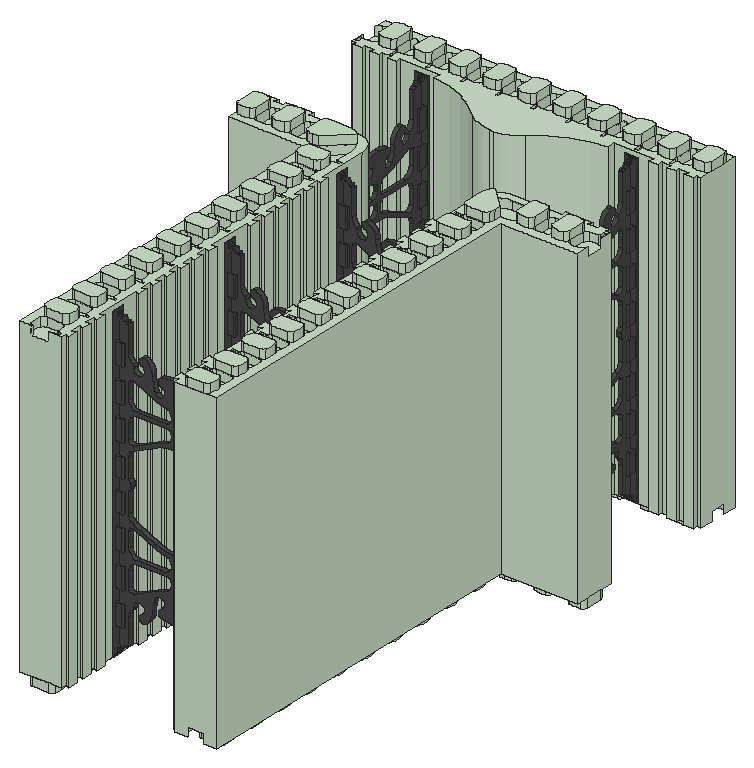
Revit family (continued)
Definition of nested family "NUDURA Diamond Pattern"
  Lines and regions (mm)
    model lines
      curve 36: arc (117.704, -142.875, 355.215) -> (120.494, -142.875, 361.95) -> (117.704, -142.875, 368.685) r 9.525
      curve 37: line (108.981, -142.875, 346.492) -> (117.704, -142.875, 355.215)
      curve 38: line (85.183, -142.875, 355.215) -> (93.906, -142.875, 346.492)
      curve 39: arc (85.183, -142.875, 368.685) -> (82.394, -142.875, 361.95) -> (85.183, -142.875, 355.215) r 9.525
      curve 40: line (93.906, -142.875, 377.408) -> (85.183, -142.875, 368.685)
      curve 41: arc (105.934, -142.875, 375.965) -> (101.444, -142.875, 377.825) -> (96.953, -142.875, 375.965) r 6.35
      curve 42: line (96.953, -142.875, 375.965) -> (87.428, -142.875, 366.44)
      curve 43: arc (87.428, -142.875, 366.44) -> (85.569, -142.875, 361.95) -> (87.428, -142.875, 357.46) r 6.35
      curve 44: line (87.428, -142.875, 357.46) -> (96.953, -142.875, 347.935)
      curve 45: arc (96.953, -142.875, 347.935) -> (101.444, -142.875, 346.075) -> (105.934, -142.875, 347.935) r 6.35
      curve 46: line (105.934, -142.875, 347.935) -> (115.459, -142.875, 357.46)
      curve 47: arc (115.459, -142.875, 357.46) -> (117.319, -142.875, 361.95) -> (115.459, -142.875, 366.44) r 6.35
      curve 48: line (115.459, -142.875, 366.44) -> (105.934, -142.875, 375.965)
      curve 49: arc (93.906, -142.875, 339.308) -> (95.394, -142.875, 342.9) -> (93.906, -142.875, 346.492) r 5.08
      curve 50: line (117.704, -142.875, 330.585) -> (108.981, -142.875, 339.308)
      curve 51: arc (117.704, -142.875, 317.115) -> (120.494, -142.875, 323.85) -> (117.704, -142.875, 330.585) r 9.525
      curve 52: line (108.981, -142.875, 308.392) -> (117.704, -142.875, 317.115)
      curve 53: line (85.183, -142.875, 317.115) -> (93.906, -142.875, 308.392)
      curve 54: arc (85.183, -142.875, 330.585) -> (82.394, -142.875, 323.85) -> (85.183, -142.875, 317.115) r 9.525
      curve 55: line (93.906, -142.875, 339.308) -> (85.183, -142.875, 330.585)
      curve 56: arc (105.934, -142.875, 337.865) -> (101.444, -142.875, 339.725) -> (96.953, -142.875, 337.865) r 6.35
      curve 57: line (96.953, -142.875, 337.865) -> (87.428, -142.875, 328.34)
      curve 58: arc (87.428, -142.875, 328.34) -> (85.569, -142.875, 323.85) -> (87.428, -142.875, 319.36) r 6.35
      curve 59: line (87.428, -142.875, 319.36) -> (96.953, -142.875, 309.835)
      curve 60: arc (96.953, -142.875, 309.835) -> (101.444, -142.875, 307.975) -> (105.934, -142.875, 309.835) r 6.35
      curve 61: line (105.934, -142.875, 309.835) -> (115.459, -142.875, 319.36)
      curve 62: arc (115.459, -142.875, 319.36) -> (117.319, -142.875, 323.85) -> (115.459, -142.875, 328.34) r 6.35
      curve 63: line (115.459, -142.875, 328.34) -> (105.934, -142.875, 337.865)
      curve 64: arc (93.906, -142.875, 301.208) -> (95.394, -142.875, 304.8) -> (93.906, -142.875, 308.392) r 5.08
      curve 65: line (117.704, -142.875, 292.485) -> (108.981, -142.875, 301.208)
      curve 66: arc (117.704, -142.875, 279.015) -> (120.494, -142.875, 285.75) -> (117.704, -142.875, 292.485) r 9.525
      curve 67: line (108.981, -142.875, 270.292) -> (117.704, -142.875, 279.015)
      curve 68: line (85.183, -142.875, 279.015) -> (93.906, -142.875, 270.292)
      curve 69: arc (85.183, -142.875, 292.485) -> (82.394, -142.875, 285.75) -> (85.183, -142.875, 279.015) r 9.525
      curve 70: line (93.906, -142.875, 301.208) -> (85.183, -142.875, 292.485)
      curve 71: arc (105.934, -142.875, 299.765) -> (101.444, -142.875, 301.625) -> (96.953, -142.875, 299.765) r 6.35
      curve 72: line (96.953, -142.875, 299.765) -> (87.428, -142.875, 290.24)
      curve 73: arc (87.428, -142.875, 290.24) -> (85.569, -142.875, 285.75) -> (87.428, -142.875, 281.26) r 6.35
      curve 74: line (87.428, -142.875, 281.26) -> (96.953, -142.875, 271.735)
      curve 75: arc (96.953, -142.875, 271.735) -> (101.444, -142.875, 269.875) -> (105.934, -142.875, 271.735) r 6.35
      curve 76: line (105.934, -142.875, 271.735) -> (115.459, -142.875, 281.26)
      curve 77: arc (115.459, -142.875, 281.26) -> (117.319, -142.875, 285.75) -> (115.459, -142.875, 290.24) r 6.35
      curve 78: line (115.459, -142.875, 290.24) -> (105.934, -142.875, 299.765)
      curve 79: arc (93.906, -142.875, 263.108) -> (95.394, -142.875, 266.7) -> (93.906, -142.875, 270.292) r 5.08
      curve 80: line (117.704, -142.875, 254.385) -> (108.981, -142.875, 263.108)
      curve 81: arc (117.704, -142.875, 240.915) -> (120.494, -142.875, 247.65) -> (117.704, -142.875, 254.385) r 9.525
      curve 82: line (108.981, -142.875, 232.192) -> (117.704, -142.875, 240.915)
      curve 83: line (85.183, -142.875, 240.915) -> (93.906, -142.875, 232.192)
      curve 84: arc (85.183, -142.875, 254.385) -> (82.394, -142.875, 247.65) -> (85.183, -142.875, 240.915) r 9.525
      curve 85: line (93.906, -142.875, 263.108) -> (85.183, -142.875, 254.385)
      curve 86: arc (105.934, -142.875, 261.665) -> (101.444, -142.875, 263.525) -> (96.953, -142.875, 261.665) r 6.35
      curve 87: line (96.953, -142.875, 261.665) -> (87.428, -142.875, 252.14)
      curve 88: arc (87.428, -142.875, 252.14) -> (85.569, -142.875, 247.65) -> (87.428, -142.875, 243.16) r 6.35
      curve 89: line (87.428, -142.875, 243.16) -> (96.953, -142.875, 233.635)
      curve 90: arc (96.953, -142.875, 233.635) -> (101.444, -142.875, 231.775) -> (105.934, -142.875, 233.635) r 6.35
      curve 91: line (105.934, -142.875, 233.635) -> (115.459, -142.875, 243.16)
      curve 92: arc (115.459, -142.875, 243.16) -> (117.319, -142.875, 247.65) -> (115.459, -142.875, 252.14) r 6.35
      curve 93: line (115.459, -142.875, 252.14) -> (105.934, -142.875, 261.665)
      curve 94: arc (93.906, -142.875, 225.008) -> (95.394, -142.875, 228.6) -> (93.906, -142.875, 232.192) r 5.08
      curve 95: line (117.704, -142.875, 216.285) -> (108.981, -142.875, 225.008)
      curve 96: arc (117.704, -142.875, 202.815) -> (120.494, -142.875, 209.55) -> (117.704, -142.875, 216.285) r 9.525
      curve 97: line (108.981, -142.875, 194.092) -> (117.704, -142.875, 202.815)
      curve 98: line (85.183, -142.875, 202.815) -> (93.906, -142.875, 194.092)
      curve 99: arc (85.183, -142.875, 216.285) -> (82.394, -142.875, 209.55) -> (85.183, -142.875, 202.815) r 9.525
      curve 100: line (93.906, -142.875, 225.008) -> (85.183, -142.875, 216.285)
      curve 101: arc (105.934, -142.875, 223.565) -> (101.444, -142.875, 225.425) -> (96.953, -142.875, 223.565) r 6.35
      curve 102: line (96.953, -142.875, 223.565) -> (87.428, -142.875, 214.04)
      curve 103: arc (87.428, -142.875, 214.04) -> (85.569, -142.875, 209.55) -> (87.428, -142.875, 205.06) r 6.35
      curve 104: line (87.428, -142.875, 205.06) -> (96.953, -142.875, 195.535)
      curve 105: arc (96.953, -142.875, 195.535) -> (101.444, -142.875, 193.675) -> (105.934, -142.875, 195.535) r 6.35
      curve 106: line (105.934, -142.875, 195.535) -> (115.459, -142.875, 205.06)
      curve 107: arc (115.459, -142.875, 205.06) -> (117.319, -142.875, 209.55) -> (115.459, -142.875, 214.04) r 6.35
      curve 108: line (115.459, -142.875, 214.04) -> (105.934, -142.875, 223.565)
      curve 109: arc (93.906, -142.875, 186.908) -> (95.394, -142.875, 190.5) -> (93.906, -142.875, 194.092) r 5.08
      curve 110: line (117.704, -142.875, 178.185) -> (108.981, -142.875, 186.908)
      curve 111: arc (117.704, -142.875, 164.715) -> (120.494, -142.875, 171.45) -> (117.704, -142.875, 178.185) r 9.525
      curve 112: line (108.981, -142.875, 155.992) -> (117.704, -142.875, 164.715)
      curve 113: line (85.183, -142.875, 164.715) -> (93.906, -142.875, 155.992)
      curve 114: arc (85.183, -142.875, 178.185) -> (82.394, -142.875, 171.45) -> (85.183, -142.875, 164.715) r 9.525
      curve 115: line (93.906, -142.875, 186.908) -> (85.183, -142.875, 178.185)
      curve 116: arc (105.934, -142.875, 185.465) -> (101.444, -142.875, 187.325) -> (96.953, -142.875, 185.465) r 6.35
      curve 117: line (96.953, -142.875, 185.465) -> (87.428, -142.875, 175.94)
      curve 118: arc (87.428, -142.875, 175.94) -> (85.569, -142.875, 171.45) -> (87.428, -142.875, 166.96) r 6.35
      curve 119: line (87.428, -142.875, 166.96) -> (96.953, -142.875, 157.435)
      curve 120: arc (96.953, -142.875, 157.435) -> (101.444, -142.875, 155.575) -> (105.934, -142.875, 157.435) r 6.35
      curve 121: line (105.934, -142.875, 157.435) -> (115.459, -142.875, 166.96)
      curve 122: arc (115.459, -142.875, 166.96) -> (117.319, -142.875, 171.45) -> (115.459, -142.875, 175.94) r 6.35
      curve 123: line (115.459, -142.875, 175.94) -> (105.934, -142.875, 185.465)
      curve 124: arc (93.906, -142.875, 148.808) -> (95.394, -142.875, 152.4) -> (93.906, -142.875, 155.992) r 5.08
      curve 125: line (117.704, -142.875, 140.085) -> (108.981, -142.875, 148.808)
      curve 126: arc (117.704, -142.875, 126.615) -> (120.494, -142.875, 133.35) -> (117.704, -142.875, 140.085) r 9.525
      curve 127: line (108.981, -142.875, 117.892) -> (117.704, -142.875, 126.615)
      curve 128: line (85.183, -142.875, 126.615) -> (93.906, -142.875, 117.892)
      curve 129: arc (85.183, -142.875, 140.085) -> (82.394, -142.875, 133.35) -> (85.183, -142.875, 126.615) r 9.525
      curve 130: line (93.906, -142.875, 148.808) -> (85.183, -142.875, 140.085)
      curve 131: arc (105.934, -142.875, 147.365) -> (101.444, -142.875, 149.225) -> (96.953, -142.875, 147.365) r 6.35
      curve 132: line (96.953, -142.875, 147.365) -> (87.428, -142.875, 137.84)
      curve 133: arc (87.428, -142.875, 137.84) -> (85.569, -142.875, 133.35) -> (87.428, -142.875, 128.86) r 6.35
      curve 134: line (87.428, -142.875, 128.86) -> (96.953, -142.875, 119.335)
      curve 135: arc (96.953, -142.875, 119.335) -> (101.444, -142.875, 117.475) -> (105.934, -142.875, 119.335) r 6.35
      curve 136: line (105.934, -142.875, 119.335) -> (115.459, -142.875, 128.86)
      curve 137: arc (115.459, -142.875, 128.86) -> (117.319, -142.875, 133.35) -> (115.459, -142.875, 137.84) r 6.35
      curve 138: line (115.459, -142.875, 137.84) -> (105.934, -142.875, 147.365)
      curve 139: arc (93.906, -142.875, 110.708) -> (95.394, -142.875, 114.3) -> (93.906, -142.875, 117.892) r 5.08
      curve 140: line (117.704, -142.875, 101.985) -> (108.981, -142.875, 110.708)
      curve 141: arc (117.704, -142.875, 88.515) -> (120.494, -142.875, 95.25) -> (117.704, -142.875, 101.985) r 9.525
      curve 142: line (108.981, -142.875, 79.792) -> (117.704, -142.875, 88.515)
      curve 143: line (85.183, -142.875, 88.515) -> (93.906, -142.875, 79.792)
      curve 144: arc (85.183, -142.875, 101.985) -> (82.394, -142.875, 95.25) -> (85.183, -142.875, 88.515) r 9.525
      curve 145: line (93.906, -142.875, 110.708) -> (85.183, -142.875, 101.985)
      curve 146: arc (105.934, -142.875, 109.265) -> (101.444, -142.875, 111.125) -> (96.953, -142.875, 109.265) r 6.35
      curve 147: line (96.953, -142.875, 109.265) -> (87.428, -142.875, 99.74)
      curve 148: arc (87.428, -142.875, 99.74) -> (85.569, -142.875, 95.25) -> (87.428, -142.875, 90.76) r 6.35
      curve 149: line (87.428, -142.875, 90.76) -> (96.953, -142.875, 81.235)
      curve 150: arc (96.953, -142.875, 81.235) -> (101.444, -142.875, 79.375) -> (105.934, -142.875, 81.235) r 6.35
      curve 151: line (105.934, -142.875, 81.235) -> (115.459, -142.875, 90.76)
      curve 152: arc (115.459, -142.875, 90.76) -> (117.319, -142.875, 95.25) -> (115.459, -142.875, 99.74) r 6.35
      curve 153: line (115.459, -142.875, 99.74) -> (105.934, -142.875, 109.265)
      curve 154: arc (93.906, -142.875, 72.608) -> (95.394, -142.875, 76.2) -> (93.906, -142.875, 79.792) r 5.08
      curve 155: line (117.704, -142.875, 63.885) -> (108.981, -142.875, 72.608)
      curve 156: arc (117.704, -142.875, 50.415) -> (120.494, -142.875, 57.15) -> (117.704, -142.875, 63.885) r 9.525
      curve 157: line (108.981, -142.875, 41.692) -> (117.704, -142.875, 50.415)
      curve 158: line (85.183, -142.875, 50.415) -> (93.906, -142.875, 41.692)
      curve 159: arc (85.183, -142.875, 63.885) -> (82.394, -142.875, 57.15) -> (85.183, -142.875, 50.415) r 9.525
      curve 160: line (93.906, -142.875, 72.608) -> (85.183, -142.875, 63.885)
      curve 161: arc (105.934, -142.875, 71.165) -> (101.444, -142.875, 73.025) -> (96.953, -142.875, 71.165) r 6.35
      curve 162: line (96.953, -142.875, 71.165) -> (87.428, -142.875, 61.64)
      curve 163: arc (87.428, -142.875, 61.64) -> (85.569, -142.875, 57.15) -> (87.428, -142.875, 52.66) r 6.35
      curve 164: line (87.428, -142.875, 52.66) -> (96.953, -142.875, 43.135)
      curve 165: arc (96.953, -142.875, 43.135) -> (101.444, -142.875, 41.275) -> (105.934, -142.875, 43.135) r 6.35
      curve 166: line (105.934, -142.875, 43.135) -> (115.459, -142.875, 52.66)
      curve 167: arc (115.459, -142.875, 52.66) -> (117.319, -142.875, 57.15) -> (115.459, -142.875, 61.64) r 6.35
      curve 168: line (115.459, -142.875, 61.64) -> (105.934, -142.875, 71.165)
      curve 169: arc (93.906, -142.875, 34.508) -> (95.394, -142.875, 38.1) -> (93.906, -142.875, 41.692) r 5.08
      curve 170: line (93.906, -142.875, 34.508) -> (85.183, -142.875, 25.785)
      curve 171: arc (85.183, -142.875, 25.785) -> (82.394, -142.875, 19.05) -> (85.183, -142.875, 12.315) r 9.525
      curve 172: line (85.183, -142.875, 12.315) -> (94.708, -142.875, 2.79)
      curve 173: arc (94.708, -142.875, 2.79) -> (101.444, -142.875, 0) -> (108.179, -142.875, 2.79) r 9.525
      curve 174: line (108.179, -142.875, 2.79) -> (117.704, -142.875, 12.315)
      curve 175: arc (117.704, -142.875, 12.315) -> (120.494, -142.875, 19.05) -> (117.704, -142.875, 25.785) r 9.525
      curve 176: line (117.704, -142.875, 25.785) -> (108.981, -142.875, 34.508)
      curve 177: arc (108.981, -142.875, 41.692) -> (107.493, -142.875, 38.1) -> (108.981, -142.875, 34.508) r 5.08
      curve 178: arc (105.934, -142.875, 33.065) -> (101.444, -142.875, 34.925) -> (96.953, -142.875, 33.065) r 6.35
      curve 179: line (115.459, -142.875, 23.54) -> (105.934, -142.875, 33.065)
      curve 180: arc (115.459, -142.875, 14.56) -> (117.319, -142.875, 19.05) -> (115.459, -142.875, 23.54) r 6.35
      curve 181: line (105.934, -142.875, 5.035) -> (115.459, -142.875, 14.56)
      curve 182: arc (96.953, -142.875, 5.035) -> (101.444, -142.875, 3.175) -> (105.934, -142.875, 5.035) r 6.35
      curve 183: line (87.428, -142.875, 14.56) -> (96.953, -142.875, 5.035)
      curve 184: arc (87.428, -142.875, 23.54) -> (85.569, -142.875, 19.05) -> (87.428, -142.875, 14.56) r 6.35
      curve 185: line (96.953, -142.875, 33.065) -> (87.428, -142.875, 23.54)
      curve 186: arc (108.981, -142.875, 79.792) -> (107.493, -142.875, 76.2) -> (108.981, -142.875, 72.608) r 5.08
      curve 187: arc (108.981, -142.875, 117.892) -> (107.493, -142.875, 114.3) -> (108.981, -142.875, 110.708) r 5.08
      curve 188: arc (108.981, -142.875, 155.992) -> (107.493, -142.875, 152.4) -> (108.981, -142.875, 148.808) r 5.08
      curve 189: arc (108.981, -142.875, 194.092) -> (107.493, -142.875, 190.5) -> (108.981, -142.875, 186.908) r 5.08
      curve 190: arc (108.981, -142.875, 232.192) -> (107.493, -142.875, 228.6) -> (108.981, -142.875, 225.008) r 5.08
      curve 191: arc (108.981, -142.875, 270.292) -> (107.493, -142.875, 266.7) -> (108.981, -142.875, 263.108) r 5.08
      curve 192: arc (108.981, -142.875, 308.392) -> (107.493, -142.875, 304.8) -> (108.981, -142.875, 301.208) r 5.08
      curve 193: arc (108.981, -142.875, 346.492) -> (107.493, -142.875, 342.9) -> (108.981, -142.875, 339.308) r 5.08
      curve 194: arc (108.981, -142.875, 384.592) -> (107.493, -142.875, 381) -> (108.981, -142.875, 377.408) r 5.08
      curve 195: arc (108.981, -142.875, 422.692) -> (107.493, -142.875, 419.1) -> (108.981, -142.875, 415.508) r 5.08
Definition of nested family "NUDURA Logo Diamond"
  Reference planes
    plane 1 "Center (Front/Back)": y = 0
    plane 2: z = 0
    plane 3 "Center (Left/Right)": x = 0
  Lines and regions (mm)
    model lines
      curve 1: line (320.001, 0, 444.526) -> (311.021, 0, 453.507)
      curve 2: line (313.973, 0, 425.925) -> (320.001, 0, 431.954)
      curve 3: line (320.001, 0, 406.426) -> (313.973, 0, 412.455)
      curve 4: line (313.973, 0, 387.825) -> (320.001, 0, 393.854)
      curve 5: line (320.001, 0, 368.326) -> (313.973, 0, 374.355)
      curve 6: line (313.973, 0, 349.725) -> (320.001, 0, 355.754)
      curve 7: line (309.225, 0, 337.411) -> (322.887, 0, 323.749)
      curve 8: line (322.887, 0, 323.749) -> (324.683, 0, 325.545)
      curve 9: line (286.583, 0, 323.749) -> (300.245, 0, 337.411)
      curve 10: line (295.497, 0, 336.255) -> (284.787, 0, 325.545)
      curve 11: line (289.468, 0, 355.754) -> (295.497, 0, 349.725)
      curve 12: line (295.497, 0, 374.355) -> (289.468, 0, 368.326)
      curve 13: line (289.468, 0, 393.854) -> (295.497, 0, 387.825)
      curve 14: line (295.497, 0, 412.455) -> (289.468, 0, 406.426)
      curve 15: line (289.468, 0, 431.954) -> (295.497, 0, 425.925)
      curve 16: line (298.449, 0, 453.507) -> (289.468, 0, 444.526)
      curve 17: line (300.245, 0, 451.711) -> (291.265, 0, 442.73)
      curve 18: line (318.205, 0, 442.73) -> (309.225, 0, 451.711)
      curve 19: line (309.225, 0, 424.77) -> (318.205, 0, 433.75)
      curve 20: line (291.265, 0, 433.75) -> (300.245, 0, 424.77)
      curve 21: arc (289.468, 0, 444.526) -> (286.865, 0, 438.24) -> (289.468, 0, 431.954) r 8.89
      curve 22: arc (298.449, 0, 453.507) -> (304.735, 0, 456.111) -> (311.021, 0, 453.507) r 8.89
      curve 23: arc (291.265, 0, 442.73) -> (289.405, 0, 438.24) -> (291.265, 0, 433.75) r 6.35
      curve 24: arc (318.205, 0, 442.73) -> (320.065, 0, 438.24) -> (318.205, 0, 433.75) r 6.35
      curve 25: arc (309.225, 0, 424.77) -> (304.735, 0, 422.91) -> (300.245, 0, 424.77) r 6.35
      curve 26: arc (300.245, 0, 451.711) -> (304.735, 0, 453.571) -> (309.225, 0, 451.711) r 6.35
      curve 27: arc (320.001, 0, 444.526) -> (322.605, 0, 438.24) -> (320.001, 0, 431.954) r 8.89
      curve 28: arc (295.497, 0, 425.925) -> (298.287, 0, 419.19) -> (295.497, 0, 412.455) r 9.525
      curve 29: arc (313.973, 0, 425.925) -> (311.183, 0, 419.19) -> (313.973, 0, 412.455) r 9.525
      curve 30: line (313.973, 0, 387.825) -> (320.001, 0, 393.854)
      curve 31: line (289.468, 0, 393.854) -> (295.497, 0, 387.825)
      curve 32: line (300.245, 0, 413.611) -> (291.265, 0, 404.63)
      curve 33: line (318.205, 0, 404.63) -> (309.225, 0, 413.611)
      curve 34: line (309.225, 0, 386.67) -> (318.205, 0, 395.65)
      curve 35: line (291.265, 0, 395.65) -> (300.245, 0, 386.67)
      curve 36: arc (289.468, 0, 406.426) -> (286.865, 0, 400.14) -> (289.468, 0, 393.854) r 8.89
      curve 37: arc (291.265, 0, 404.63) -> (289.405, 0, 400.14) -> (291.265, 0, 395.65) r 6.35
      curve 38: arc (318.205, 0, 404.63) -> (320.065, 0, 400.14) -> (318.205, 0, 395.65) r 6.35
      curve 39: arc (309.225, 0, 386.67) -> (304.735, 0, 384.81) -> (300.245, 0, 386.67) r 6.35
      curve 40: arc (300.245, 0, 413.611) -> (304.735, 0, 415.471) -> (309.225, 0, 413.611) r 6.35
      curve 41: arc (320.001, 0, 406.426) -> (322.605, 0, 400.14) -> (320.001, 0, 393.854) r 8.89
      curve 42: line (295.497, 0, 412.455) -> (289.468, 0, 406.426)
      curve 43: line (320.001, 0, 406.426) -> (313.973, 0, 412.455)
      curve 44: arc (295.497, 0, 387.825) -> (298.287, 0, 381.09) -> (295.497, 0, 374.355) r 9.525
      curve 45: arc (313.973, 0, 387.825) -> (311.183, 0, 381.09) -> (313.973, 0, 374.355) r 9.525
      curve 46: line (313.973, 0, 349.725) -> (320.001, 0, 355.754)
      curve 47: line (289.468, 0, 355.754) -> (295.497, 0, 349.725)
      curve 48: line (300.245, 0, 375.511) -> (291.265, 0, 366.53)
      curve 49: line (318.205, 0, 366.53) -> (309.225, 0, 375.511)
      curve 50: line (309.225, 0, 348.57) -> (318.205, 0, 357.55)
      curve 51: line (291.265, 0, 357.55) -> (300.245, 0, 348.57)
      curve 52: arc (289.468, 0, 368.326) -> (286.865, 0, 362.04) -> (289.468, 0, 355.754) r 8.89
      curve 53: arc (291.265, 0, 366.53) -> (289.405, 0, 362.04) -> (291.265, 0, 357.55) r 6.35
      curve 54: arc (318.205, 0, 366.53) -> (320.065, 0, 362.04) -> (318.205, 0, 357.55) r 6.35
      curve 55: arc (309.225, 0, 348.57) -> (304.735, 0, 346.71) -> (300.245, 0, 348.57) r 6.35
      curve 56: arc (300.245, 0, 375.511) -> (304.735, 0, 377.371) -> (309.225, 0, 375.511) r 6.35
      curve 57: arc (320.001, 0, 368.326) -> (322.605, 0, 362.04) -> (320.001, 0, 355.754) r 8.89
      curve 58: line (295.497, 0, 374.355) -> (289.468, 0, 368.326)
      curve 59: arc (295.497, 0, 349.725) -> (298.287, 0, 342.99) -> (295.497, 0, 336.255) r 9.525
      curve 60: arc (313.973, 0, 349.725) -> (311.183, 0, 342.99) -> (313.973, 0, 336.255) r 9.525
      curve 61: line (324.683, 0, 325.545) -> (313.973, 0, 336.255)
      curve 62: line (284.787, 0, 325.545) -> (286.583, 0, 323.749)
      curve 63: arc (300.245, 0, 337.411) -> (304.735, 0, 339.271) -> (309.225, 0, 337.411) r 6.35
      curve 64: line (320.001, 0, 12.854) -> (311.021, 0, 3.874)
      curve 65: line (313.973, 0, 31.455) -> (320.001, 0, 25.426)
      curve 66: line (320.001, 0, 50.954) -> (313.973, 0, 44.925)
      curve 67: line (313.973, 0, 69.555) -> (320.001, 0, 63.526)
      curve 68: line (320.001, 0, 89.054) -> (313.973, 0, 83.025)
      curve 69: line (313.973, 0, 107.655) -> (320.001, 0, 101.626)
      curve 70: line (309.225, 0, 119.97) -> (322.887, 0, 133.632)
      curve 71: line (322.887, 0, 133.632) -> (324.683, 0, 131.836)
      curve 72: line (286.583, 0, 133.632) -> (300.245, 0, 119.97)
      curve 73: line (295.497, 0, 121.125) -> (284.787, 0, 131.836)
      curve 74: line (289.468, 0, 101.626) -> (295.497, 0, 107.655)
      curve 75: line (295.497, 0, 83.025) -> (289.468, 0, 89.054)
      curve 76: line (289.468, 0, 63.526) -> (295.497, 0, 69.555)
      curve 77: line (295.497, 0, 44.925) -> (289.468, 0, 50.954)
      curve 78: line (289.468, 0, 25.426) -> (295.497, 0, 31.455)
      curve 79: line (298.449, 0, 3.874) -> (289.468, 0, 12.854)
      curve 80: line (300.245, 0, 5.67) -> (291.265, 0, 14.65)
      curve 81: line (318.205, 0, 14.65) -> (309.225, 0, 5.67)
      curve 82: line (309.225, 0, 32.611) -> (318.205, 0, 23.63)
      curve 83: line (291.265, 0, 23.63) -> (300.245, 0, 32.611)
      curve 84: arc (289.468, 0, 12.854) -> (286.865, 0, 19.14) -> (289.468, 0, 25.426) r 8.89
      curve 85: arc (298.449, 0, 3.874) -> (304.735, 0, 1.27) -> (311.021, 0, 3.874) r 8.89
      curve 86: arc (291.265, 0, 14.65) -> (289.405, 0, 19.14) -> (291.265, 0, 23.63) r 6.35
      curve 87: arc (318.205, 0, 14.65) -> (320.065, 0, 19.14) -> (318.205, 0, 23.63) r 6.35
      curve 88: arc (309.225, 0, 32.611) -> (304.735, 0, 34.471) -> (300.245, 0, 32.611) r 6.35
      curve 89: arc (300.245, 0, 5.67) -> (304.735, 0, 3.81) -> (309.225, 0, 5.67) r 6.35
      curve 90: arc (320.001, 0, 12.854) -> (322.605, 0, 19.14) -> (320.001, 0, 25.426) r 8.89
      curve 91: arc (295.497, 0, 31.455) -> (298.287, 0, 38.19) -> (295.497, 0, 44.925) r 9.525
      curve 92: arc (313.973, 0, 31.455) -> (311.183, 0, 38.19) -> (313.973, 0, 44.925) r 9.525
      curve 93: line (313.973, 0, 69.555) -> (320.001, 0, 63.526)
      curve 94: line (289.468, 0, 63.526) -> (295.497, 0, 69.555)
      curve 95: line (300.245, 0, 43.77) -> (291.265, 0, 52.75)
      curve 96: line (318.205, 0, 52.75) -> (309.225, 0, 43.77)
      curve 97: line (309.225, 0, 70.711) -> (318.205, 0, 61.73)
      curve 98: line (291.265, 0, 61.73) -> (300.245, 0, 70.711)
      curve 99: arc (289.468, 0, 50.954) -> (286.865, 0, 57.24) -> (289.468, 0, 63.526) r 8.89
      curve 100: arc (291.265, 0, 52.75) -> (289.405, 0, 57.24) -> (291.265, 0, 61.73) r 6.35
      curve 101: arc (318.205, 0, 52.75) -> (320.065, 0, 57.24) -> (318.205, 0, 61.73) r 6.35
      curve 102: arc (309.225, 0, 70.711) -> (304.735, 0, 72.571) -> (300.245, 0, 70.711) r 6.35
      curve 103: arc (300.245, 0, 43.77) -> (304.735, 0, 41.91) -> (309.225, 0, 43.77) r 6.35
      curve 104: arc (320.001, 0, 50.954) -> (322.605, 0, 57.24) -> (320.001, 0, 63.526) r 8.89
      curve 105: line (295.497, 0, 44.925) -> (289.468, 0, 50.954)
      curve 106: line (320.001, 0, 50.954) -> (313.973, 0, 44.925)
      curve 107: arc (295.497, 0, 69.555) -> (298.287, 0, 76.29) -> (295.497, 0, 83.025) r 9.525
      curve 108: arc (313.973, 0, 69.555) -> (311.183, 0, 76.29) -> (313.973, 0, 83.025) r 9.525
      curve 109: line (313.973, 0, 107.655) -> (320.001, 0, 101.626)
      curve 110: line (289.468, 0, 101.626) -> (295.497, 0, 107.655)
      curve 111: line (300.245, 0, 81.87) -> (291.265, 0, 90.85)
      curve 112: line (318.205, 0, 90.85) -> (309.225, 0, 81.87)
      curve 113: line (309.225, 0, 108.811) -> (318.205, 0, 99.83)
      curve 114: line (291.265, 0, 99.83) -> (300.245, 0, 108.811)
      curve 115: arc (289.468, 0, 89.054) -> (286.865, 0, 95.34) -> (289.468, 0, 101.626) r 8.89
      curve 116: arc (291.265, 0, 90.85) -> (289.405, 0, 95.34) -> (291.265, 0, 99.83) r 6.35
      curve 117: arc (318.205, 0, 90.85) -> (320.065, 0, 95.34) -> (318.205, 0, 99.83) r 6.35
      curve 118: arc (309.225, 0, 108.811) -> (304.735, 0, 110.671) -> (300.245, 0, 108.811) r 6.35
      curve 119: arc (300.245, 0, 81.87) -> (304.735, 0, 80.01) -> (309.225, 0, 81.87) r 6.35
      curve 120: arc (320.001, 0, 89.054) -> (322.605, 0, 95.34) -> (320.001, 0, 101.626) r 8.89
      curve 121: line (295.497, 0, 83.025) -> (289.468, 0, 89.054)
      curve 122: arc (295.497, 0, 107.655) -> (298.287, 0, 114.39) -> (295.497, 0, 121.125) r 9.525
      curve 123: arc (313.973, 0, 107.655) -> (311.183, 0, 114.39) -> (313.973, 0, 121.125) r 9.525
      curve 124: line (324.683, 0, 131.836) -> (313.973, 0, 121.125)
      curve 125: line (284.787, 0, 131.836) -> (286.583, 0, 133.632)
      curve 126: arc (300.245, 0, 119.97) -> (304.735, 0, 118.11) -> (309.225, 0, 119.97) r 6.35
      curve 127: line (314.26, 0, 317.59) -> (295.21, 0, 317.59)
      curve 128: line (323.785, 0, 149.315) -> (323.785, 0, 308.065)
      curve 129: line (285.685, 0, 308.065) -> (285.685, 0, 149.315)
      curve 130: line (295.21, 0, 139.79) -> (314.26, 0, 139.79)
      curve 131: line (316.797, 0, 304.89) -> (305.798, 0, 311.24)
      curve 132: line (316.797, 0, 292.19) -> (316.797, 0, 304.89)
      curve 133: line (311.298, 0, 289.015) -> (316.797, 0, 292.19)
      curve 134: line (305.373, 0, 292.436) -> (311.298, 0, 289.015)
      curve 135: line (310.447, 0, 295.365) -> (305.373, 0, 292.436)
      curve 136: line (299.874, 0, 307.82) -> (310.447, 0, 301.715)
      curve 137: line (310.447, 0, 301.715) -> (310.447, 0, 295.365)
      curve 138: line (305.798, 0, 311.24) -> (299.874, 0, 307.82)
      curve 139: line (299.023, 0, 295.611) -> (304.097, 0, 298.54)
      curve 140: line (304.097, 0, 298.54) -> (298.172, 0, 301.961)
      curve 141: line (298.172, 0, 301.961) -> (292.673, 0, 298.786)
      curve 142: line (292.673, 0, 298.786) -> (292.673, 0, 286.086)
      curve 143: line (299.023, 0, 289.261) -> (299.023, 0, 295.611)
      curve 144: line (309.596, 0, 283.156) -> (299.023, 0, 289.261)
      curve 145: line (303.671, 0, 279.736) -> (309.596, 0, 283.156)
      curve 146: line (292.673, 0, 286.086) -> (303.671, 0, 279.736)
      curve 147: line (312.702, 0, 269.344) -> (296.768, 0, 272.912)
      curve 148: line (296.768, 0, 272.912) -> (296.768, 0, 267.036)
      curve 149: line (296.768, 0, 267.036) -> (308.089, 0, 264.517)
      curve 150: line (308.089, 0, 264.517) -> (296.768, 0, 260.949)
      curve 151: line (296.768, 0, 260.949) -> (296.768, 0, 251.084)
      curve 152: line (296.768, 0, 251.084) -> (309.138, 0, 248.314)
      curve 153: line (309.138, 0, 248.314) -> (309.138, 0, 247.516)
      curve 154: line (309.138, 0, 247.516) -> (301.281, 0, 248.991)
      curve 155: line (296.768, 0, 245.246) -> (296.768, 0, 237.71)
      curve 156: line (306.598, 0, 222.094) -> (306.598, 0, 228.599)
      curve 157: line (306.598, 0, 228.599) -> (296.768, 0, 230.786)
      curve 158: line (296.768, 0, 230.786) -> (296.768, 0, 215.343)
      curve 159: line (302.723, 0, 230.274) -> (312.702, 0, 228.039)
      curve 160: line (300.341, 0, 217.291) -> (300.341, 0, 223.486)
      curve 161: line (300.341, 0, 223.486) -> (306.598, 0, 222.094)
      curve 162: line (296.768, 0, 205.027) -> (296.768, 0, 197.49)
      curve 163: line (302.723, 0, 190.055) -> (310.162, 0, 188.389)
      curve 164: line (310.162, 0, 188.389) -> (310.162, 0, 176.633)
      curve 165: line (308.892, 0, 175.363) -> (307.868, 0, 175.363)
      curve 166: line (306.598, 0, 176.633) -> (306.598, 0, 180.004)
      curve 167: line (306.598, 0, 180.004) -> (307.868, 0, 179.719)
      curve 168: line (307.868, 0, 179.719) -> (307.868, 0, 186.3)
      curve 169: line (307.868, 0, 186.3) -> (296.768, 0, 188.785)
      curve 170: line (296.768, 0, 188.785) -> (296.768, 0, 182.205)
      curve 171: line (296.768, 0, 182.205) -> (304.058, 0, 180.572)
      curve 172: line (304.058, 0, 180.572) -> (304.058, 0, 177.654)
      curve 173: line (302.788, 0, 176.384) -> (296.768, 0, 176.384)
      curve 174: line (296.768, 0, 176.384) -> (296.768, 0, 164.003)
      curve 175: line (296.768, 0, 164.003) -> (299.284, 0, 162.219)
      curve 176: line (299.284, 0, 162.219) -> (299.284, 0, 153.715)
      curve 177: line (307.942, 0, 156.079) -> (301.824, 0, 160.418)
      curve 178: line (301.824, 0, 160.418) -> (301.824, 0, 154.409)
      curve 179: line (301.824, 0, 154.409) -> (307.942, 0, 156.079)
      curve 180: line (299.284, 0, 153.715) -> (296.768, 0, 153.028)
      curve 181: line (296.768, 0, 153.028) -> (296.768, 0, 146.14)
      curve 182: line (296.768, 0, 146.14) -> (312.702, 0, 150.491)
      curve 183: line (312.702, 0, 150.491) -> (312.702, 0, 159.713)
      curve 184: line (312.702, 0, 159.713) -> (298.767, 0, 169.594)
      curve 185: line (298.767, 0, 169.594) -> (302.342, 0, 169.594)
      curve 186: line (312.702, 0, 172.383) -> (312.702, 0, 193.945)
      curve 187: line (312.702, 0, 193.945) -> (302.326, 0, 196.268)
      curve 188: line (300.341, 0, 198.747) -> (300.341, 0, 201.381)
      curve 189: line (301.888, 0, 202.62) -> (312.702, 0, 200.199)
      curve 190: line (312.702, 0, 200.199) -> (312.702, 0, 206.628)
      curve 191: line (312.702, 0, 206.628) -> (306.843, 0, 207.728)
      curve 192: line (312.702, 0, 212.942) -> (312.702, 0, 227.241)
      curve 193: line (312.702, 0, 227.241) -> (309.138, 0, 228.034)
      curve 194: line (309.138, 0, 228.034) -> (309.138, 0, 217.291)
      curve 195: line (312.702, 0, 228.039) -> (312.702, 0, 234.164)
      curve 196: line (312.702, 0, 234.164) -> (302.326, 0, 236.488)
      curve 197: line (300.341, 0, 238.966) -> (300.341, 0, 241.6)
      curve 198: line (301.736, 0, 242.874) -> (312.702, 0, 240.418)
      curve 199: line (312.702, 0, 240.418) -> (312.702, 0, 253.611)
      curve 200: line (312.702, 0, 253.611) -> (302.429, 0, 255.912)
      curve 201: line (302.429, 0, 255.912) -> (312.702, 0, 259.27)
      curve 202: line (312.702, 0, 259.27) -> (312.702, 0, 269.344)
      curve 203: arc (296.768, 0, 245.246) -> (298.145, 0, 248.178) -> (301.281, 0, 248.991) r 3.81
      curve 204: arc (296.768, 0, 237.71) -> (298.44, 0, 232.946) -> (302.723, 0, 230.274) r 7.62
      curve 205: arc (300.842, 0, 208.826) -> (297.87, 0, 211.5) -> (296.768, 0, 215.343) r 7.251
      curve 206: arc (296.768, 0, 205.027) -> (297.979, 0, 207.812) -> (300.842, 0, 208.826) r 3.808
      curve 207: arc (296.768, 0, 197.49) -> (298.44, 0, 192.727) -> (302.723, 0, 190.055) r 7.62
      curve 208: arc (300.341, 0, 198.747) -> (300.898, 0, 197.159) -> (302.326, 0, 196.268) r 2.54
      curve 209: arc (300.341, 0, 201.381) -> (300.817, 0, 202.372) -> (301.888, 0, 202.62) r 1.27
      curve 210: arc (307.868, 0, 175.363) -> (306.969, 0, 175.735) -> (306.598, 0, 176.633) r 1.27
      curve 211: arc (308.892, 0, 175.363) -> (309.79, 0, 175.735) -> (310.162, 0, 176.633) r 1.27
      curve 212: arc (304.058, 0, 177.654) -> (303.686, 0, 176.756) -> (302.788, 0, 176.384) r 1.27
      curve 213: arc (302.342, 0, 169.594) -> (303.976, 0, 170.198) -> (304.826, 0, 171.718) r 2.516
      curve 214: arc (304.826, 0, 171.718) -> (309.07, 0, 168.432) -> (312.702, 0, 172.383) r 3.966
      curve 215: arc (306.843, 0, 207.728) -> (310.942, 0, 209.02) -> (312.702, 0, 212.942) r 5.249
      curve 216: arc (300.341, 0, 217.291) -> (304.739, 0, 212.893) -> (309.138, 0, 217.291) r 4.398
      curve 217: arc (300.341, 0, 238.966) -> (300.898, 0, 237.378) -> (302.326, 0, 236.488) r 2.54
      curve 218: arc (300.341, 0, 241.6) -> (300.886, 0, 242.648) -> (302.057, 0, 242.802) r 1.279
      curve 219: arc (285.685, 0, 308.065) -> (288.475, 0, 314.8) -> (295.21, 0, 317.59) r 9.525
      curve 220: arc (314.26, 0, 317.59) -> (320.995, 0, 314.8) -> (323.785, 0, 308.065) r 9.525
      curve 221: arc (285.685, 0, 149.315) -> (288.475, 0, 142.58) -> (295.21, 0, 139.79) r 9.525
      curve 222: arc (314.26, 0, 139.79) -> (320.995, 0, 142.58) -> (323.785, 0, 149.315) r 9.525
      curve 223: line (253.935, 0, 457.2) -> (253.935, 0, 0)
      curve 224: line (355.535, 0, 457.2) -> (355.535, 0, 0)
      curve 225: line (406.335, 0, 457.2) -> (406.335, 0, 0)
Definition of nested family "NUDURA Diamond Pattern Missing Two Lines"
  Reference planes
    plane 1 "Center (Front/Back)": y = 0
    plane 2: z = 0
    plane 3 "Center (Left/Right)": x = 0
    plane 4: z = 457.2
  Lines and regions (mm)
    model lines
      curve 1: line (50.8, -142.875, 457.2) -> (50.8, -142.875, 0)
      curve 2: line (85.183, -142.875, 431.415) -> (93.906, -142.875, 422.692)
      curve 3: arc (85.183, -142.875, 444.885) -> (82.394, -142.875, 438.15) -> (85.183, -142.875, 431.415) r 9.525
      curve 4: line (94.708, -142.875, 454.41) -> (85.183, -142.875, 444.885)
      curve 5: arc (108.179, -142.875, 454.41) -> (101.444, -142.875, 457.2) -> (94.708, -142.875, 454.41) r 9.525
      curve 6: line (117.704, -142.875, 444.885) -> (108.179, -142.875, 454.41)
      curve 7: arc (117.704, -142.875, 431.415) -> (120.494, -142.875, 438.15) -> (117.704, -142.875, 444.885) r 9.525
      curve 8: line (108.981, -142.875, 422.692) -> (117.704, -142.875, 431.415)
      curve 9: arc (105.934, -142.875, 452.165) -> (101.444, -142.875, 454.025) -> (96.953, -142.875, 452.165) r 6.35
      curve 10: line (115.459, -142.875, 442.64) -> (105.934, -142.875, 452.165)
      curve 11: arc (115.459, -142.875, 433.66) -> (117.319, -142.875, 438.15) -> (115.459, -142.875, 442.64) r 6.35
      curve 12: line (105.934, -142.875, 424.135) -> (115.459, -142.875, 433.66)
      curve 13: arc (96.953, -142.875, 424.135) -> (101.444, -142.875, 422.275) -> (105.934, -142.875, 424.135) r 6.35
      curve 14: line (87.428, -142.875, 433.66) -> (96.953, -142.875, 424.135)
      curve 15: arc (87.428, -142.875, 442.64) -> (85.569, -142.875, 438.15) -> (87.428, -142.875, 433.66) r 6.35
      curve 16: line (96.953, -142.875, 452.165) -> (87.428, -142.875, 442.64)
      curve 17: arc (93.906, -142.875, 415.508) -> (95.394, -142.875, 419.1) -> (93.906, -142.875, 422.692) r 5.08
      curve 18: line (117.704, -142.875, 406.785) -> (108.981, -142.875, 415.508)
      curve 19: arc (117.704, -142.875, 393.315) -> (120.494, -142.875, 400.05) -> (117.704, -142.875, 406.785) r 9.525
      curve 20: line (108.981, -142.875, 384.592) -> (117.704, -142.875, 393.315)
      curve 21: line (85.183, -142.875, 393.315) -> (93.906, -142.875, 384.592)
      curve 22: arc (85.183, -142.875, 406.785) -> (82.394, -142.875, 400.05) -> (85.183, -142.875, 393.315) r 9.525
      curve 23: line (93.906, -142.875, 415.508) -> (85.183, -142.875, 406.785)
      curve 24: arc (105.934, -142.875, 414.065) -> (101.444, -142.875, 415.925) -> (96.953, -142.875, 414.065) r 6.35
      curve 25: line (96.953, -142.875, 414.065) -> (87.428, -142.875, 404.54)
      curve 26: arc (87.428, -142.875, 404.54) -> (85.569, -142.875, 400.05) -> (87.428, -142.875, 395.56) r 6.35
      curve 27: line (87.428, -142.875, 395.56) -> (96.953, -142.875, 386.035)
      curve 28: arc (96.953, -142.875, 386.035) -> (101.444, -142.875, 384.175) -> (105.934, -142.875, 386.035) r 6.35
      curve 29: line (105.934, -142.875, 386.035) -> (115.459, -142.875, 395.56)
      curve 30: arc (115.459, -142.875, 395.56) -> (117.319, -142.875, 400.05) -> (115.459, -142.875, 404.54) r 6.35
      curve 31: line (115.459, -142.875, 404.54) -> (105.934, -142.875, 414.065)
      curve 32: arc (93.906, -142.875, 377.408) -> (95.394, -142.875, 381) -> (93.906, -142.875, 384.592) r 5.08
      curve 33: line (117.704, -142.875, 368.685) -> (108.981, -142.875, 377.408)
      curve 34: arc (117.704, -142.875, 355.215) -> (120.494, -142.875, 361.95) -> (117.704, -142.875, 368.685) r 9.525
      curve 35: line (108.981, -142.875, 346.492) -> (117.704, -142.875, 355.215)
      curve 36: line (85.183, -142.875, 355.215) -> (93.906, -142.875, 346.492)
      curve 37: arc (85.183, -142.875, 368.685) -> (82.394, -142.875, 361.95) -> (85.183, -142.875, 355.215) r 9.525
      curve 38: line (93.906, -142.875, 377.408) -> (85.183, -142.875, 368.685)
      curve 39: arc (105.934, -142.875, 375.965) -> (101.444, -142.875, 377.825) -> (96.953, -142.875, 375.965) r 6.35
      curve 40: line (96.953, -142.875, 375.965) -> (87.428, -142.875, 366.44)
      curve 41: arc (87.428, -142.875, 366.44) -> (85.569, -142.875, 361.95) -> (87.428, -142.875, 357.46) r 6.35
      curve 42: line (87.428, -142.875, 357.46) -> (96.953, -142.875, 347.935)
      curve 43: arc (96.953, -142.875, 347.935) -> (101.444, -142.875, 346.075) -> (105.934, -142.875, 347.935) r 6.35
      curve 44: line (105.934, -142.875, 347.935) -> (115.459, -142.875, 357.46)
      curve 45: arc (115.459, -142.875, 357.46) -> (117.319, -142.875, 361.95) -> (115.459, -142.875, 366.44) r 6.35
      curve 46: line (115.459, -142.875, 366.44) -> (105.934, -142.875, 375.965)
      curve 47: arc (93.906, -142.875, 339.308) -> (95.394, -142.875, 342.9) -> (93.906, -142.875, 346.492) r 5.08
      curve 48: line (117.704, -142.875, 330.585) -> (108.981, -142.875, 339.308)
      curve 49: arc (117.704, -142.875, 317.115) -> (120.494, -142.875, 323.85) -> (117.704, -142.875, 330.585) r 9.525
      curve 50: line (108.981, -142.875, 308.392) -> (117.704, -142.875, 317.115)
      curve 51: line (85.183, -142.875, 317.115) -> (93.906, -142.875, 308.392)
      curve 52: arc (85.183, -142.875, 330.585) -> (82.394, -142.875, 323.85) -> (85.183, -142.875, 317.115) r 9.525
      curve 53: line (93.906, -142.875, 339.308) -> (85.183, -142.875, 330.585)
      curve 54: arc (105.934, -142.875, 337.865) -> (101.444, -142.875, 339.725) -> (96.953, -142.875, 337.865) r 6.35
      curve 55: line (96.953, -142.875, 337.865) -> (87.428, -142.875, 328.34)
      curve 56: arc (87.428, -142.875, 328.34) -> (85.569, -142.875, 323.85) -> (87.428, -142.875, 319.36) r 6.35
      curve 57: line (87.428, -142.875, 319.36) -> (96.953, -142.875, 309.835)
      curve 58: arc (96.953, -142.875, 309.835) -> (101.444, -142.875, 307.975) -> (105.934, -142.875, 309.835) r 6.35
      curve 59: line (105.934, -142.875, 309.835) -> (115.459, -142.875, 319.36)
      curve 60: arc (115.459, -142.875, 319.36) -> (117.319, -142.875, 323.85) -> (115.459, -142.875, 328.34) r 6.35
      curve 61: line (115.459, -142.875, 328.34) -> (105.934, -142.875, 337.865)
      curve 62: arc (93.906, -142.875, 301.208) -> (95.394, -142.875, 304.8) -> (93.906, -142.875, 308.392) r 5.08
      curve 63: line (117.704, -142.875, 292.485) -> (108.981, -142.875, 301.208)
      curve 64: arc (117.704, -142.875, 279.015) -> (120.494, -142.875, 285.75) -> (117.704, -142.875, 292.485) r 9.525
      curve 65: line (108.981, -142.875, 270.292) -> (117.704, -142.875, 279.015)
      curve 66: line (85.183, -142.875, 279.015) -> (93.906, -142.875, 270.292)
      curve 67: arc (85.183, -142.875, 292.485) -> (82.394, -142.875, 285.75) -> (85.183, -142.875, 279.015) r 9.525
      curve 68: line (93.906, -142.875, 301.208) -> (85.183, -142.875, 292.485)
      curve 69: arc (105.934, -142.875, 299.765) -> (101.444, -142.875, 301.625) -> (96.953, -142.875, 299.765) r 6.35
      curve 70: line (96.953, -142.875, 299.765) -> (87.428, -142.875, 290.24)
      curve 71: arc (87.428, -142.875, 290.24) -> (85.569, -142.875, 285.75) -> (87.428, -142.875, 281.26) r 6.35
      curve 72: line (87.428, -142.875, 281.26) -> (96.953, -142.875, 271.735)
      curve 73: arc (96.953, -142.875, 271.735) -> (101.444, -142.875, 269.875) -> (105.934, -142.875, 271.735) r 6.35
      curve 74: line (105.934, -142.875, 271.735) -> (115.459, -142.875, 281.26)
      curve 75: arc (115.459, -142.875, 281.26) -> (117.319, -142.875, 285.75) -> (115.459, -142.875, 290.24) r 6.35
      curve 76: line (115.459, -142.875, 290.24) -> (105.934, -142.875, 299.765)
      curve 77: arc (93.906, -142.875, 263.108) -> (95.394, -142.875, 266.7) -> (93.906, -142.875, 270.292) r 5.08
      curve 78: line (117.704, -142.875, 254.385) -> (108.981, -142.875, 263.108)
      curve 79: arc (117.704, -142.875, 240.915) -> (120.494, -142.875, 247.65) -> (117.704, -142.875, 254.385) r 9.525
      curve 80: line (108.981, -142.875, 232.192) -> (117.704, -142.875, 240.915)
      curve 81: line (85.183, -142.875, 240.915) -> (93.906, -142.875, 232.192)
      curve 82: arc (85.183, -142.875, 254.385) -> (82.394, -142.875, 247.65) -> (85.183, -142.875, 240.915) r 9.525
      curve 83: line (93.906, -142.875, 263.108) -> (85.183, -142.875, 254.385)
      curve 84: arc (105.934, -142.875, 261.665) -> (101.444, -142.875, 263.525) -> (96.953, -142.875, 261.665) r 6.35
      curve 85: line (96.953, -142.875, 261.665) -> (87.428, -142.875, 252.14)
      curve 86: arc (87.428, -142.875, 252.14) -> (85.569, -142.875, 247.65) -> (87.428, -142.875, 243.16) r 6.35
      curve 87: line (87.428, -142.875, 243.16) -> (96.953, -142.875, 233.635)
      curve 88: arc (96.953, -142.875, 233.635) -> (101.444, -142.875, 231.775) -> (105.934, -142.875, 233.635) r 6.35
      curve 89: line (105.934, -142.875, 233.635) -> (115.459, -142.875, 243.16)
      curve 90: arc (115.459, -142.875, 243.16) -> (117.319, -142.875, 247.65) -> (115.459, -142.875, 252.14) r 6.35
      curve 91: line (115.459, -142.875, 252.14) -> (105.934, -142.875, 261.665)
      curve 92: arc (93.906, -142.875, 225.008) -> (95.394, -142.875, 228.6) -> (93.906, -142.875, 232.192) r 5.08
      curve 93: line (117.704, -142.875, 216.285) -> (108.981, -142.875, 225.008)
      curve 94: arc (117.704, -142.875, 202.815) -> (120.494, -142.875, 209.55) -> (117.704, -142.875, 216.285) r 9.525
      curve 95: line (108.981, -142.875, 194.092) -> (117.704, -142.875, 202.815)
      curve 96: line (85.183, -142.875, 202.815) -> (93.906, -142.875, 194.092)
      curve 97: arc (85.183, -142.875, 216.285) -> (82.394, -142.875, 209.55) -> (85.183, -142.875, 202.815) r 9.525
      curve 98: line (93.906, -142.875, 225.008) -> (85.183, -142.875, 216.285)
      curve 99: arc (105.934, -142.875, 223.565) -> (101.444, -142.875, 225.425) -> (96.953, -142.875, 223.565) r 6.35
      curve 100: line (96.953, -142.875, 223.565) -> (87.428, -142.875, 214.04)
      curve 101: arc (87.428, -142.875, 214.04) -> (85.569, -142.875, 209.55) -> (87.428, -142.875, 205.06) r 6.35
      curve 102: line (87.428, -142.875, 205.06) -> (96.953, -142.875, 195.535)
      curve 103: arc (96.953, -142.875, 195.535) -> (101.444, -142.875, 193.675) -> (105.934, -142.875, 195.535) r 6.35
      curve 104: line (105.934, -142.875, 195.535) -> (115.459, -142.875, 205.06)
      curve 105: arc (115.459, -142.875, 205.06) -> (117.319, -142.875, 209.55) -> (115.459, -142.875, 214.04) r 6.35
      curve 106: line (115.459, -142.875, 214.04) -> (105.934, -142.875, 223.565)
      curve 107: arc (93.906, -142.875, 186.908) -> (95.394, -142.875, 190.5) -> (93.906, -142.875, 194.092) r 5.08
      curve 108: line (117.704, -142.875, 178.185) -> (108.981, -142.875, 186.908)
      curve 109: arc (117.704, -142.875, 164.715) -> (120.494, -142.875, 171.45) -> (117.704, -142.875, 178.185) r 9.525
      curve 110: line (108.981, -142.875, 155.992) -> (117.704, -142.875, 164.715)
      curve 111: line (85.183, -142.875, 164.715) -> (93.906, -142.875, 155.992)
      curve 112: arc (85.183, -142.875, 178.185) -> (82.394, -142.875, 171.45) -> (85.183, -142.875, 164.715) r 9.525
      curve 113: line (93.906, -142.875, 186.908) -> (85.183, -142.875, 178.185)
      curve 114: arc (105.934, -142.875, 185.465) -> (101.444, -142.875, 187.325) -> (96.953, -142.875, 185.465) r 6.35
      curve 115: line (96.953, -142.875, 185.465) -> (87.428, -142.875, 175.94)
      curve 116: arc (87.428, -142.875, 175.94) -> (85.569, -142.875, 171.45) -> (87.428, -142.875, 166.96) r 6.35
      curve 117: line (87.428, -142.875, 166.96) -> (96.953, -142.875, 157.435)
      curve 118: arc (96.953, -142.875, 157.435) -> (101.444, -142.875, 155.575) -> (105.934, -142.875, 157.435) r 6.35
      curve 119: line (105.934, -142.875, 157.435) -> (115.459, -142.875, 166.96)
      curve 120: arc (115.459, -142.875, 166.96) -> (117.319, -142.875, 171.45) -> (115.459, -142.875, 175.94) r 6.35
      curve 121: line (115.459, -142.875, 175.94) -> (105.934, -142.875, 185.465)
      curve 122: arc (93.906, -142.875, 148.808) -> (95.394, -142.875, 152.4) -> (93.906, -142.875, 155.992) r 5.08
      curve 123: line (117.704, -142.875, 140.085) -> (108.981, -142.875, 148.808)
      curve 124: arc (117.704, -142.875, 126.615) -> (120.494, -142.875, 133.35) -> (117.704, -142.875, 140.085) r 9.525
      curve 125: line (108.981, -142.875, 117.892) -> (117.704, -142.875, 126.615)
      curve 126: line (85.183, -142.875, 126.615) -> (93.906, -142.875, 117.892)
      curve 127: arc (85.183, -142.875, 140.085) -> (82.394, -142.875, 133.35) -> (85.183, -142.875, 126.615) r 9.525
      curve 128: line (93.906, -142.875, 148.808) -> (85.183, -142.875, 140.085)
      curve 129: arc (105.934, -142.875, 147.365) -> (101.444, -142.875, 149.225) -> (96.953, -142.875, 147.365) r 6.35
      curve 130: line (96.953, -142.875, 147.365) -> (87.428, -142.875, 137.84)
      curve 131: arc (87.428, -142.875, 137.84) -> (85.569, -142.875, 133.35) -> (87.428, -142.875, 128.86) r 6.35
      curve 132: line (87.428, -142.875, 128.86) -> (96.953, -142.875, 119.335)
      curve 133: arc (96.953, -142.875, 119.335) -> (101.444, -142.875, 117.475) -> (105.934, -142.875, 119.335) r 6.35
      curve 134: line (105.934, -142.875, 119.335) -> (115.459, -142.875, 128.86)
      curve 135: arc (115.459, -142.875, 128.86) -> (117.319, -142.875, 133.35) -> (115.459, -142.875, 137.84) r 6.35
      curve 136: line (115.459, -142.875, 137.84) -> (105.934, -142.875, 147.365)
      curve 137: arc (93.906, -142.875, 110.708) -> (95.394, -142.875, 114.3) -> (93.906, -142.875, 117.892) r 5.08
      curve 138: line (117.704, -142.875, 101.985) -> (108.981, -142.875, 110.708)
      curve 139: arc (117.704, -142.875, 88.515) -> (120.494, -142.875, 95.25) -> (117.704, -142.875, 101.985) r 9.525
      curve 140: line (108.981, -142.875, 79.792) -> (117.704, -142.875, 88.515)
      curve 141: line (85.183, -142.875, 88.515) -> (93.906, -142.875, 79.792)
      curve 142: arc (85.183, -142.875, 101.985) -> (82.394, -142.875, 95.25) -> (85.183, -142.875, 88.515) r 9.525
      curve 143: line (93.906, -142.875, 110.708) -> (85.183, -142.875, 101.985)
      curve 144: arc (105.934, -142.875, 109.265) -> (101.444, -142.875, 111.125) -> (96.953, -142.875, 109.265) r 6.35
      curve 145: line (96.953, -142.875, 109.265) -> (87.428, -142.875, 99.74)
      curve 146: arc (87.428, -142.875, 99.74) -> (85.569, -142.875, 95.25) -> (87.428, -142.875, 90.76) r 6.35
      curve 147: line (87.428, -142.875, 90.76) -> (96.953, -142.875, 81.235)
      curve 148: arc (96.953, -142.875, 81.235) -> (101.444, -142.875, 79.375) -> (105.934, -142.875, 81.235) r 6.35
      curve 149: line (105.934, -142.875, 81.235) -> (115.459, -142.875, 90.76)
      curve 150: arc (115.459, -142.875, 90.76) -> (117.319, -142.875, 95.25) -> (115.459, -142.875, 99.74) r 6.35
      curve 151: line (115.459, -142.875, 99.74) -> (105.934, -142.875, 109.265)
      curve 152: arc (93.906, -142.875, 72.608) -> (95.394, -142.875, 76.2) -> (93.906, -142.875, 79.792) r 5.08
      curve 153: line (117.704, -142.875, 63.885) -> (108.981, -142.875, 72.608)
      curve 154: arc (117.704, -142.875, 50.415) -> (120.494, -142.875, 57.15) -> (117.704, -142.875, 63.885) r 9.525
      curve 155: line (108.981, -142.875, 41.692) -> (117.704, -142.875, 50.415)
      curve 156: line (85.183, -142.875, 50.415) -> (93.906, -142.875, 41.692)
      curve 157: arc (85.183, -142.875, 63.885) -> (82.394, -142.875, 57.15) -> (85.183, -142.875, 50.415) r 9.525
      curve 158: line (93.906, -142.875, 72.608) -> (85.183, -142.875, 63.885)
      curve 159: arc (105.934, -142.875, 71.165) -> (101.444, -142.875, 73.025) -> (96.953, -142.875, 71.165) r 6.35
      curve 160: line (96.953, -142.875, 71.165) -> (87.428, -142.875, 61.64)
      curve 161: arc (87.428, -142.875, 61.64) -> (85.569, -142.875, 57.15) -> (87.428, -142.875, 52.66) r 6.35
      curve 162: line (87.428, -142.875, 52.66) -> (96.953, -142.875, 43.135)
      curve 163: arc (96.953, -142.875, 43.135) -> (101.444, -142.875, 41.275) -> (105.934, -142.875, 43.135) r 6.35
      curve 164: line (105.934, -142.875, 43.135) -> (115.459, -142.875, 52.66)
      curve 165: arc (115.459, -142.875, 52.66) -> (117.319, -142.875, 57.15) -> (115.459, -142.875, 61.64) r 6.35
      curve 166: line (115.459, -142.875, 61.64) -> (105.934, -142.875, 71.165)
      curve 167: arc (93.906, -142.875, 34.508) -> (95.394, -142.875, 38.1) -> (93.906, -142.875, 41.692) r 5.08
      curve 168: line (93.906, -142.875, 34.508) -> (85.183, -142.875, 25.785)
      curve 169: arc (85.183, -142.875, 25.785) -> (82.394, -142.875, 19.05) -> (85.183, -142.875, 12.315) r 9.525
      curve 170: line (85.183, -142.875, 12.315) -> (94.708, -142.875, 2.79)
      curve 171: arc (94.708, -142.875, 2.79) -> (101.444, -142.875, 0) -> (108.179, -142.875, 2.79) r 9.525
      curve 172: line (108.179, -142.875, 2.79) -> (117.704, -142.875, 12.315)
      curve 173: arc (117.704, -142.875, 12.315) -> (120.494, -142.875, 19.05) -> (117.704, -142.875, 25.785) r 9.525
      curve 174: line (117.704, -142.875, 25.785) -> (108.981, -142.875, 34.508)
      curve 175: arc (108.981, -142.875, 41.692) -> (107.493, -142.875, 38.1) -> (108.981, -142.875, 34.508) r 5.08
      curve 176: arc (105.934, -142.875, 33.065) -> (101.444, -142.875, 34.925) -> (96.953, -142.875, 33.065) r 6.35
      curve 177: line (115.459, -142.875, 23.54) -> (105.934, -142.875, 33.065)
      curve 178: arc (115.459, -142.875, 14.56) -> (117.319, -142.875, 19.05) -> (115.459, -142.875, 23.54) r 6.35
      curve 179: line (105.934, -142.875, 5.035) -> (115.459, -142.875, 14.56)
      curve 180: arc (96.953, -142.875, 5.035) -> (101.444, -142.875, 3.175) -> (105.934, -142.875, 5.035) r 6.35
      curve 181: line (87.428, -142.875, 14.56) -> (96.953, -142.875, 5.035)
      curve 182: arc (87.428, -142.875, 23.54) -> (85.569, -142.875, 19.05) -> (87.428, -142.875, 14.56) r 6.35
      curve 183: line (96.953, -142.875, 33.065) -> (87.428, -142.875, 23.54)
      curve 184: arc (108.981, -142.875, 79.792) -> (107.493, -142.875, 76.2) -> (108.981, -142.875, 72.608) r 5.08
      curve 185: arc (108.981, -142.875, 117.892) -> (107.493, -142.875, 114.3) -> (108.981, -142.875, 110.708) r 5.08
      curve 186: arc (108.981, -142.875, 155.992) -> (107.493, -142.875, 152.4) -> (108.981, -142.875, 148.808) r 5.08
      curve 187: arc (108.981, -142.875, 194.092) -> (107.493, -142.875, 190.5) -> (108.981, -142.875, 186.908) r 5.08
      curve 188: arc (108.981, -142.875, 232.192) -> (107.493, -142.875, 228.6) -> (108.981, -142.875, 225.008) r 5.08
      curve 189: arc (108.981, -142.875, 270.292) -> (107.493, -142.875, 266.7) -> (108.981, -142.875, 263.108) r 5.08
      curve 190: arc (108.981, -142.875, 308.392) -> (107.493, -142.875, 304.8) -> (108.981, -142.875, 301.208) r 5.08
      curve 191: arc (108.981, -142.875, 346.492) -> (107.493, -142.875, 342.9) -> (108.981, -142.875, 339.308) r 5.08
      curve 192: arc (108.981, -142.875, 384.592) -> (107.493, -142.875, 381) -> (108.981, -142.875, 377.408) r 5.08
      curve 193: arc (108.981, -142.875, 422.692) -> (107.493, -142.875, 419.1) -> (108.981, -142.875, 415.508) r 5.08
